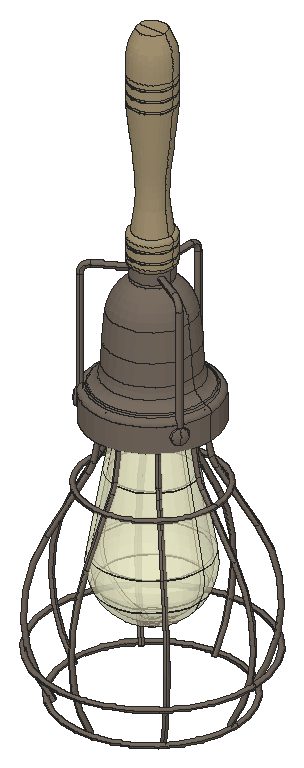
Revit family "S3.WG6.WH1", category Lighting Fixtures, Revit 2024
Family settings
  Round Connector Dimension = Use Diameter
  Part Type = Normal
  OmniClass Number = 23.80.70.00
  OmniClass Title = Lighting
  Work Plane-Based = No
  Always vertical = Yes
  Cut with Voids When Loaded = No
  Light Source = No
  Maintain Annotation Orientation = No
  Shared = No
  Room Calculation Point = No
Parameters
  Default Elevation = 0' - 0"
Reference planes (in)
  plane 1 "Light Source Axis (F/B)": y = 0
  plane 2: z = 0
  plane 3 "Light Source Axis (L/R)": x = 0
  plane 4 "Light Source Elevation": z = 54
Forms (in)
  Revolve 1, solid, material "WOOD"
    sketch origin (0, 0, 21.14852) x (1, 0, 0) y (0, 0, 1)
      loop
        line (0, 47.10123) -> (0, 42.10101) -> (0.4, 42.10101)
        arc (0.4, 42.10101) -> (0.47071, 42.1303) -> (0.5, 42.20101) r 0.1
        line (0.5, 42.20101) -> (0.5, 42.30481) -> (0.46812, 42.30481) -> (0.46812, 42.36382) -> (0.5, 42.36382) -> (0.5, 42.53811) -> (0.46812, 42.53811) -> (0.46812, 42.59712) -> (0.5, 42.59712) -> (0.5, 42.70101)
        arc (0.5, 42.70101) -> (0.47071, 42.77172) -> (0.4, 42.80101) r 0.1
        spline (0.4, 42.80101) -> (0.35799, 43.0277) -> (0.3297, 43.2549) -> (0.31594, 43.48269) -> (0.31589, 43.71099) -> (0.32558, 43.93939) -> (0.34612, 44.1679) -> (0.3719, 44.39628) -> (0.39644, 44.62413) -> (0.42188, 44.85164) -> (0.44764, 45.07895) -> (0.47363, 45.30612) -> (0.5, 45.53311)
        line (0.5, 45.53311) -> (0.46812, 45.53311) -> (0.46812, 45.59211) -> (0.5, 45.59211) -> (0.5, 45.76641) -> (0.46812, 45.76641) -> (0.46812, 45.82541) -> (0.5, 45.82541) -> (0.5, 45.99971) -> (0.46812, 45.99971) -> (0.46812, 46.05871) -> (0.5, 46.05871) -> (0.5, 46.16261)
        spline (0.5, 46.16261) -> (0.50071, 46.25857) -> (0.49982, 46.34978) -> (0.49762, 46.43598) -> (0.494, 46.51725) -> (0.48687, 46.59551) -> (0.47629, 46.67067) -> (0.46114, 46.74381) -> (0.43959, 46.81584) -> (0.4125, 46.88706) -> (0.38107, 46.95817) -> (0.34555, 47.02965) -> (0.3057, 47.10123)
        line (0.3057, 47.10123) -> (0, 47.10123)
      axis (0, 47.10123) -> (0, 42.10101)
    angle from 0 to 360
  Revolve 2, solid, material "21P"
    sketch origin (0, 0, 33.1859) x (1, 0, 0) y (0, 0, 1)
      loop
        line (0, 29.74571) -> (0, 29.65196) -> (0.40688, 29.65196)
        arc (0.40688, 29.65196) -> (0.6617, 29.38671) -> (0.78803, 29.04126) r 0.89327
        arc (0.78803, 29.04126) -> (0.82665, 28.73129) -> (0.85332, 28.42006) r 8.11484
        arc (0.85332, 28.42006) -> (0.86645, 28.17807) -> (0.87378, 27.93584) r 10.10437
        arc (0.87378, 27.93584) -> (0.89383, 27.79694) -> (0.93636, 27.66319) r 0.85351
        arc (0.93636, 27.66319) -> (1.02718, 27.52442) -> (1.16286, 27.42902) r 0.44079
        arc (1.16286, 27.42902) -> (1.20244, 27.38262) -> (1.25237, 27.34757) r 0.24211
        arc (1.25237, 27.34757) -> (1.2866, 27.35504) -> (1.30625, 27.32603) r 0.03125
        line (1.30625, 27.32603) -> (1.30625, 26.75103) -> (1.4, 26.75103) -> (1.4, 27.32603)
        arc (1.4, 27.32603) -> (1.36046, 27.41725) -> (1.26687, 27.45076) r 0.125
        arc (1.26687, 27.45076) -> (1.251, 27.46721) -> (1.23784, 27.48591) r 0.14836
        arc (1.23784, 27.48591) -> (1.22665, 27.49978) -> (1.212, 27.50992) r 0.0625
        arc (1.212, 27.50992) -> (1.09862, 27.58548) -> (1.02306, 27.69886) r 0.34704
        arc (1.02306, 27.69886) -> (0.98542, 27.81696) -> (0.96748, 27.93962) r 0.75976
        arc (0.96748, 27.93962) -> (0.96008, 28.18306) -> (0.94686, 28.42626) r 10.19812
        arc (0.94686, 28.42626) -> (0.91989, 28.74109) -> (0.88082, 29.05464) r 8.20859
        arc (0.88082, 29.05464) -> (0.73331, 29.44882) -> (0.435, 29.74571) r 0.98702
        line (0.435, 29.74571) -> (0, 29.74571)
      loop
        line (0.4375, 30.06353) -> (0, 30.06353) -> (0, 29.81353) -> (0.4375, 29.81353) -> (0.4375, 30.06353)
      axis (0, 30.06353) -> (0, 26.75103)
    angle from 0 to 360
  Sweep 3, solid, material "21P"
    path origin (0, 0, 33.1859) x (0.866025, 0.5, 0) y (0, 0, 1)
      loop
        line (-0.4375, 30.0128) -> (-1.15366, 30.0128)
        arc (-1.15366, 30.0128) -> (-1.34709, 29.93268) -> (-1.42721, 29.73925) r 0.27355
        line (-1.42721, 29.73925) -> (-1.42721, 27.23925)
    profile origin (-0.68899, -0.39779, 63.19871) x (0, 0, -1) y (0.5, -0.866025, 0)
      loop
        circle (0.0625, 0) r 0.0625
  Revolve 4, solid, material "21P"
    sketch origin (-0.02524, -0.01457, 33.1859) x (0.866025, 0.5, 0) y (0, 0, 1)
      loop
        line (-1.45733, 27.09838) -> (-1.365, 27.09838) -> (-1.365, 27.28677) -> (-1.41764, 27.2703)
        arc (-1.41764, 27.2703) -> (-1.44728, 27.1866) -> (-1.45733, 27.09838) r 0.39219
      axis (-1.365, 27.09838) -> (-1.45733, 27.09838)
    angle from 0 to 360
  Sweep 5, solid, material "21P"
    path origin (0, 0, 33.1859) x (0, -1, 0) y (0, 0, 1)
      loop
        line (-0.4375, 30.0128) -> (-1.15366, 30.0128)
        arc (-1.15366, 30.0128) -> (-1.34709, 29.93268) -> (-1.42721, 29.73925) r 0.27355
        line (-1.42721, 29.73925) -> (-1.42721, 27.23925)
    profile origin (0, 0.79558, 63.19871) x (0, 0, -1) y (-1, 0, 0)
      loop
        circle (0.0625, 0) r 0.0625
  Revolve 6, solid, material "21P"
    sketch origin (0, 0.02914, 33.1859) x (0, -1, 0) y (0, 0, 1)
      loop
        line (-1.45733, 27.09838) -> (-1.365, 27.09838) -> (-1.365, 27.28677) -> (-1.41764, 27.2703)
        arc (-1.41764, 27.2703) -> (-1.44728, 27.1866) -> (-1.45733, 27.09838) r 0.39219
      axis (-1.365, 27.09838) -> (-1.45733, 27.09838)
    angle from 0 to 360
  Sweep 7, solid, material "21P"
    path origin (0, 0, 33.1859) x (-0.866025, 0.5, 0) y (0, 0, 1)
      loop
        line (-0.4375, 30.0128) -> (-1.15366, 30.0128)
        arc (-1.15366, 30.0128) -> (-1.34709, 29.93268) -> (-1.42721, 29.73925) r 0.27355
        line (-1.42721, 29.73925) -> (-1.42721, 27.23925)
    profile origin (0.68899, -0.39779, 63.19871) x (0, 0, -1) y (0.5, 0.866025, 0)
      loop
        circle (0.0625, 0) r 0.0625
  Revolve 8, solid, material "21P"
    sketch origin (0.02524, -0.01457, 33.1859) x (-0.866025, 0.5, 0) y (0, 0, 1)
      loop
        line (-1.45733, 27.09838) -> (-1.365, 27.09838) -> (-1.365, 27.28677) -> (-1.41764, 27.2703)
        arc (-1.41764, 27.2703) -> (-1.44728, 27.1866) -> (-1.45733, 27.09838) r 0.39219
      axis (-1.365, 27.09838) -> (-1.45733, 27.09838)
    angle from 0 to 360
  Sweep 9, solid, material "21P"
    path origin (0, 0, 0) x (1, 0, 0) y (0, 0, 1)
      loop
        arc (1.04713, 60.04031) -> (1.06368, 59.55775) -> (1.14969, 59.08262) r 3.33824
        arc (1.14969, 59.08262) -> (1.18758, 58.97085) -> (1.24185, 58.86605) r 0.78299
        arc (1.24185, 58.86605) -> (1.62582, 58.22004) -> (2.00253, 57.56978) r 67.13348
        arc (2.00253, 57.56978) -> (2.46264, 55.76892) -> (1.89193, 54) r 3.34989
    profile origin (1.18758, 0, 58.97085) x (0.920153, 0, 0.391559) y (0, -1, 0)
      loop
        circle (-0.0486, 0) r 0.05
  Revolve 10, solid, material "21P"
    sketch origin (0, 0, 0) x (1, 0, 0) y (0, 0, 1)
      loop
        line (1.15351, 59.93693) -> (1.15351, 60.2345) -> (0, 60.2345) -> (0, 60.14075) -> (1.05976, 60.14075) -> (1.05976, 59.93693) -> (1.15351, 59.93693)
      loop
        circle (1.48721, 58.55448) r 0.05
      loop
        circle (2.41336, 55.04302) r 0.05
      loop
        circle (1.98854, 54.05) r 0.05
      axis (0, 54.05) -> (0, 60.2345)
    angle from 0 to 360
  Revolve 11, solid, material "BULB"
    sketch origin (0, 0, 0) x (1, 0, 0) y (0, 0, 1)
      loop
        arc (0.23953, 55.66009) -> (0.77973, 55.90993) -> (1.14316, 56.38127) r 1.25
        arc (1.14316, 56.38127) -> (1.24135, 56.74014) -> (1.22957, 57.11201) r 1.25
        line (1.22957, 57.11201) -> (0.91695, 58.8198) -> (0.67823, 60.12387) -> (0.58292, 60.12387) -> (0.82473, 58.80292) -> (1.13735, 57.09513)
        arc (1.13735, 57.09513) -> (1.14825, 56.75115) -> (1.05742, 56.41919) r 1.15625
        arc (1.05742, 56.41919) -> (0.72125, 55.98321) -> (0.22157, 55.75211) r 1.15625
        arc (0.22157, 55.75211) -> (0.12794, 55.70493) -> (0.0726, 55.61589) r 0.19375
        arc (0.0726, 55.61589) -> (0.0454, 55.57649) -> (0, 55.56134) r 0.07559
        line (0, 55.56134) -> (0, 55.46759)
        arc (0, 55.46759) -> (0.10172, 55.50154) -> (0.16265, 55.58979) r 0.16934
        arc (0.16265, 55.58979) -> (0.19121, 55.63574) -> (0.23953, 55.66009) r 0.1
      axis (0, 60.12387) -> (0, 55.46759)
    angle from 0 to 360
  Sweep 12, solid, material "21P"
    path origin (0, 0, 0) x (0.707107, -0.707107, 0) y (0, 0, 1)
      loop
        arc (1.04713, 60.04031) -> (1.06368, 59.55775) -> (1.14969, 59.08262) r 3.33824
        arc (1.14969, 59.08262) -> (1.18758, 58.97085) -> (1.24185, 58.86605) r 0.78299
        arc (1.24185, 58.86605) -> (1.62582, 58.22004) -> (2.00253, 57.56978) r 67.13348
        arc (2.00253, 57.56978) -> (2.46264, 55.76892) -> (1.89193, 54) r 3.34989
    profile origin (0.83975, -0.83975, 58.97085) x (0.650646, -0.650646, 0.391559) y (-0.707107, -0.707107, 0)
      loop
        circle (-0.0486, 0) r 0.05
  Sweep 13, solid, material "21P"
    path origin (0, 0, 0) x (0.707107, 0.707107, 0) y (0, 0, 1)
      loop
        arc (1.04713, 60.04031) -> (1.06368, 59.55775) -> (1.14969, 59.08262) r 3.33824
        arc (1.14969, 59.08262) -> (1.18758, 58.97085) -> (1.24185, 58.86605) r 0.78299
        arc (1.24185, 58.86605) -> (1.62582, 58.22004) -> (2.00253, 57.56978) r 67.13348
        arc (2.00253, 57.56978) -> (2.46264, 55.76892) -> (1.89193, 54) r 3.34989
    profile origin (0.83975, 0.83975, 58.97085) x (0.650646, 0.650646, 0.391559) y (0.707107, -0.707107, 0)
      loop
        circle (-0.0486, 0) r 0.05
  Sweep 14, solid, material "21P"
    path origin (0, 0, 0) x (0, 1, 0) y (0, 0, 1)
      loop
        arc (1.04713, 60.04031) -> (1.06368, 59.55775) -> (1.14969, 59.08262) r 3.33824
        arc (1.14969, 59.08262) -> (1.18758, 58.97085) -> (1.24185, 58.86605) r 0.78299
        arc (1.24185, 58.86605) -> (1.62582, 58.22004) -> (2.00253, 57.56978) r 67.13348
        arc (2.00253, 57.56978) -> (2.46264, 55.76892) -> (1.89193, 54) r 3.34989
    profile origin (0, 1.18758, 58.97085) x (0, 0.920153, 0.391559) y (1, 0, 0)
      loop
        circle (-0.0486, 0) r 0.05
  Sweep 15, solid, material "21P"
    path origin (0, 0, 0) x (-0.707107, 0.707107, 0) y (0, 0, 1)
      loop
        arc (1.04713, 60.04031) -> (1.06368, 59.55775) -> (1.14969, 59.08262) r 3.33824
        arc (1.14969, 59.08262) -> (1.18758, 58.97085) -> (1.24185, 58.86605) r 0.78299
        arc (1.24185, 58.86605) -> (1.62582, 58.22004) -> (2.00253, 57.56978) r 67.13348
        arc (2.00253, 57.56978) -> (2.46264, 55.76892) -> (1.89193, 54) r 3.34989
    profile origin (-0.83975, 0.83975, 58.97085) x (-0.650646, 0.650646, 0.391559) y (0.707107, 0.707107, 0)
      loop
        circle (-0.0486, 0) r 0.05
  Sweep 16, solid, material "21P"
    path origin (0, 0, 0) x (-1, 0, 0) y (0, 0, 1)
      loop
        arc (1.04713, 60.04031) -> (1.06368, 59.55775) -> (1.14969, 59.08262) r 3.33824
        arc (1.14969, 59.08262) -> (1.18758, 58.97085) -> (1.24185, 58.86605) r 0.78299
        arc (1.24185, 58.86605) -> (1.62582, 58.22004) -> (2.00253, 57.56978) r 67.13348
        arc (2.00253, 57.56978) -> (2.46264, 55.76892) -> (1.89193, 54) r 3.34989
    profile origin (-1.18758, 0, 58.97085) x (-0.920153, 0, 0.391559) y (0, 1, 0)
      loop
        circle (-0.0486, 0) r 0.05
  Sweep 17, solid, material "21P"
    path origin (0, 0, 0) x (-0.707107, -0.707107, 0) y (0, 0, 1)
      loop
        arc (1.04713, 60.04031) -> (1.06368, 59.55775) -> (1.14969, 59.08262) r 3.33824
        arc (1.14969, 59.08262) -> (1.18758, 58.97085) -> (1.24185, 58.86605) r 0.78299
        arc (1.24185, 58.86605) -> (1.62582, 58.22004) -> (2.00253, 57.56978) r 67.13348
        arc (2.00253, 57.56978) -> (2.46264, 55.76892) -> (1.89193, 54) r 3.34989
    profile origin (-0.83975, -0.83975, 58.97085) x (-0.650646, -0.650646, 0.391559) y (-0.707107, 0.707107, 0)
      loop
        circle (-0.0486, 0) r 0.05
  Sweep 18, solid, material "21P"
    path origin (0, 0, 0) x (0, -1, 0) y (0, 0, 1)
      loop
        arc (1.04713, 60.04031) -> (1.06368, 59.55775) -> (1.14969, 59.08262) r 3.33824
        arc (1.14969, 59.08262) -> (1.18758, 58.97085) -> (1.24185, 58.86605) r 0.78299
        arc (1.24185, 58.86605) -> (1.62582, 58.22004) -> (2.00253, 57.56978) r 67.13348
        arc (2.00253, 57.56978) -> (2.46264, 55.76892) -> (1.89193, 54) r 3.34989
    profile origin (0, -1.18758, 58.97085) x (0, -0.920153, 0.391559) y (-1, 0, 0)
      loop
        circle (-0.0486, 0) r 0.05
Dimensions and locks (in)
  aligned and locked: level to plane 2
